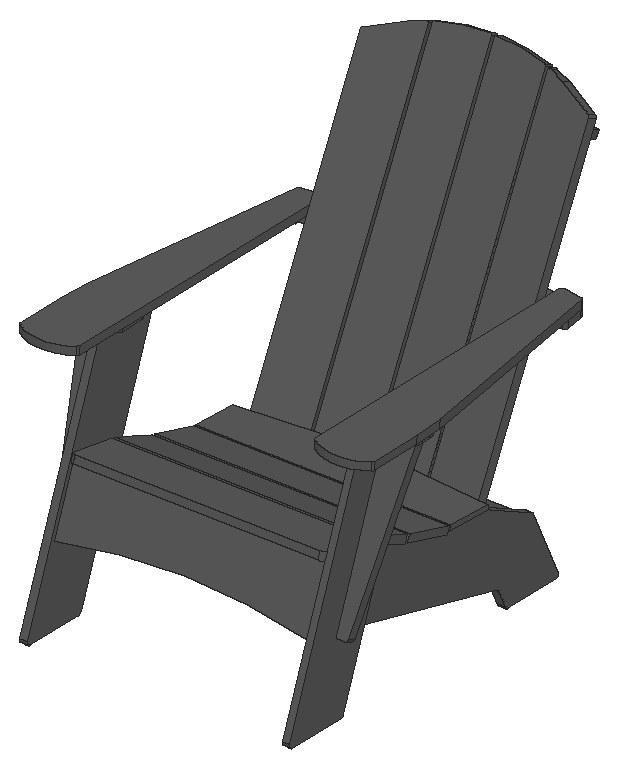
Revit family "Lollygagger Adirondack 4 Slat Curve", category Furniture, Revit 2016 (continued)
Automatic sketch dimensions
  Extrusion 40 sketch curve to plane 9 = 0.13616"
  plane 5 to Extrusion 40 sketch curve = 139.5096"
  Extrusion 40 sketch curve to Extrusion 40 sketch curve = 0"  (x2)
  Extrusion 41 sketch curve to plane 12 = 0"
  Extrusion 41 sketch curve to plane 3 "Center Left/Right" = 0"
  Extrusion 41 sketch curve to plane 13 = 0"
  Extrusion 41 sketch curve to plane 12 = 0.64806"
  Extrusion 41 sketch curve to plane 12 = 5.128"
  Extrusion 41 sketch curve to plane 3 "Center Left/Right" = 0.01116"
  plane 13 to Extrusion 41 sketch curve = 5.10569"
  Extrusion 41 sketch curve to Extrusion 41 sketch curve = 0.62561"
  Extrusion 41 sketch curve to Extrusion 41 sketch curve = 0.0032"
  Extrusion 41 sketch curve to Extrusion 41 sketch curve = 0.73517"
  Extrusion 41 sketch curve to Extrusion 41 sketch curve = 0.73198"
  Extrusion 41 sketch curve to Extrusion 41 sketch curve = 0.24259"
  Extrusion 41 sketch curve to Extrusion 41 sketch curve = 5.49834"
  Extrusion 41 sketch curve to Extrusion 41 sketch curve = 369.29785"
  Masking region 5 sketch curve to plane 5 = 0"
  Masking region 5 sketch curve to plane 7 = 0"  (x2)
  Masking region 5 sketch curve to plane 9 = 0"
  Masking region 5 sketch curve to plane 12 = 0"
  Masking region 5 sketch curve to plane 3 "Center Left/Right" = 0"  (x2)
  Masking region 5 sketch curve to plane 13 = 0"
  Masking region 5 sketch curve to plane 8 = 0"
  Masking region 5 sketch curve to plane 7 = 5.43563"  (x2)
  plane 5 to Masking region 5 sketch curve = 139.5096"
  Masking region 5 sketch curve to plane 5 = 1/4"
  plane 9 to Masking region 5 sketch curve = 0.98884"
  plane 9 to Masking region 5 sketch curve = 0.3758"
  Masking region 5 sketch curve to Masking region 5 sketch curve = 0.03605"
  Masking region 5 sketch curve to plane 9 = 0.13616"
  Masking region 5 sketch curve to plane 12 = 0.7575"  (x4)
  Masking region 5 sketch curve to plane 12 = 0.98922"
  Masking region 5 sketch curve to Masking region 5 sketch curve = 0.23172"  (x2)
  Masking region 5 sketch curve to Masking region 5 sketch curve = 0.55638"
  Masking region 5 sketch curve to plane 6 = 0.82121"
  Masking region 5 sketch curve to Masking region 5 sketch curve = 0.18402"  (x2)
  Masking region 5 sketch curve to plane 6 = 0.63838"  (x2)
  Masking region 5 sketch curve to Masking region 5 sketch curve = 0.20648"  (x2)
  Masking region 5 sketch curve to plane 14 = 0.42462"  (x2)
  Masking region 5 sketch curve to plane 12 = 5.128"
  Masking region 5 sketch curve to plane 6 = 0.20152"  (x2)
  Masking region 5 sketch curve to Masking region 5 sketch curve = 3.28172"
  Masking region 5 sketch curve to Masking region 5 sketch curve = 4.48119"  (x2)
  Masking region 5 sketch curve to Masking region 5 sketch curve = 0.20299"  (x4)
  Masking region 5 sketch curve to plane 3 "Center Left/Right" = 0.32366"  (x3)
  Masking region 5 sketch curve to plane 3 "Center Left/Right" = 0.12678"  (x2)
  Masking region 5 sketch curve to plane 3 "Center Left/Right" = 0.01116"  (x2)
  plane 3 "Center Left/Right" to Masking region 5 sketch curve = 0.12678"  (x2)
  plane 3 "Center Left/Right" to Masking region 5 sketch curve = 0.32366"  (x3)
  Masking region 5 sketch curve to Masking region 5 sketch curve = 4.46097"
  Masking region 5 sketch curve to Masking region 5 sketch curve = 0"  (x8)
  Masking region 5 sketch curve to plane 6 = 2.26474"
  Masking region 5 sketch curve to Masking region 5 sketch curve = 0.25259"
  plane 13 to Masking region 5 sketch curve = 5.10569"
  plane 13 to Masking region 5 sketch curve = 1.91379"
  plane 13 to Masking region 5 sketch curve = 0.96691"  (x2)
  plane 13 to Masking region 5 sketch curve = 0.73519"  (x3)
  plane 8 to Masking region 5 sketch curve = 0.11384"
  Masking region 5 sketch curve to plane 8 = 0.36206"
  Masking region 5 sketch curve to Masking region 5 sketch curve = 0.03705"
  Masking region 5 sketch curve to plane 8 = 1.01116"
  plane 4 to Masking region 5 sketch curve = 1/4"
  plane 4 to Masking region 5 sketch curve = 0.00013"
  Masking region 5 sketch curve to plane 4 = 139.5096"
  Masking region 5 sketch curve to plane 14 = 0.68808"
  Masking region 5 sketch curve to plane 14 = 0.68694"
  Masking region 5 sketch curve to plane 14 = 0.33768"
  plane 14 to Masking region 5 sketch curve = 0.13272"
  plane 14 to Masking region 5 sketch curve = 0.1389"
  plane 14 to Masking region 5 sketch curve = 0.96076"
  Masking region 5 sketch curve to Masking region 5 sketch curve = 0.00817"
  plane 14 to Masking region 5 sketch curve = 0.96893"
  Masking region 5 sketch curve to Masking region 5 sketch curve = 2.78107"  (x2)
  Masking region 5 sketch curve to Masking region 5 sketch curve = 1.29816"
  Masking region 5 sketch curve to Masking region 5 sketch curve = 0.11403"  (x2)
  Masking region 5 sketch curve to Masking region 5 sketch curve = 0.055"  (x2)
  Masking region 5 sketch curve to Masking region 5 sketch curve = 1.5489"
  Masking region 5 sketch curve to Masking region 5 sketch curve = 4.02633"  (x2)
  Masking region 5 sketch curve to Masking region 5 sketch curve = 0.08708"  (x2)
  plane 1 "Center Front/Back" to Masking region 5 sketch curve = 0.67857"  (x2)
  Masking region 5 sketch curve to Masking region 5 sketch curve = 0.21397"  (x2)
  Masking region 5 sketch curve to plane 1 "Center Front/Back" = 7.35052"  (x2)
  Masking region 5 sketch curve to Masking region 5 sketch curve = 2.34731"  (x2)
  Masking region 5 sketch curve to Masking region 5 sketch curve = 0.0381"
  Masking region 5 sketch curve to Masking region 5 sketch curve = 3.1132"  (x2)
  Masking region 5 sketch curve to Masking region 5 sketch curve = 0.01009"  (x2)
  Masking region 5 sketch curve to Masking region 5 sketch curve = 3.34388"
  Masking region 5 sketch curve to Masking region 5 sketch curve = 0.00111"
  Masking region 5 sketch curve to Masking region 5 sketch curve = 0.00575"  (x2)
  Masking region 5 sketch curve to Masking region 5 sketch curve = 1.43422"  (x2)
  Masking region 5 sketch curve to Masking region 5 sketch curve = 0.24724"
  Masking region 5 sketch curve to Masking region 5 sketch curve = 0.24755"
  Masking region 5 sketch curve to Masking region 5 sketch curve = 1.97157"  (x2)
  Masking region 5 sketch curve to Masking region 5 sketch curve = 1.93712"
  Masking region 5 sketch curve to Masking region 5 sketch curve = 1.94721"
  Masking region 5 sketch curve to Masking region 5 sketch curve = 1.94073"
  Masking region 5 sketch curve to Masking region 5 sketch curve = 0.00108"
  Masking region 5 sketch curve to Masking region 5 sketch curve = 2.06322"
  Masking region 5 sketch curve to Masking region 5 sketch curve = 0.00815"  (x2)
  Masking region 5 sketch curve to plane 6 = 2.0775"
  Masking region 5 sketch curve to Masking region 5 sketch curve = 0.01018"
  Masking region 5 sketch curve to Masking region 5 sketch curve = 1.18589"
  Masking region 5 sketch curve to Masking region 5 sketch curve = 1.36871"
  Masking region 5 sketch curve to Masking region 5 sketch curve = 0.2479"  (x2)
  Masking region 5 sketch curve to Masking region 5 sketch curve = 0.18283"
  plane 6 to Masking region 5 sketch curve = 0.00096"
  plane 5 to Masking region 5 sketch curve = 6.30482"
  Masking region 5 sketch curve to Masking region 5 sketch curve = 0.00002"
  Masking region 5 sketch curve to Masking region 5 sketch curve = 0.00041"  (x2)
  Masking region 5 sketch curve to Masking region 5 sketch curve = 0.09915"
  Masking region 5 sketch curve to Masking region 5 sketch curve = 0.06229"  (x2)
  Masking region 5 sketch curve to Masking region 5 sketch curve = 0.03972"  (x2)
  Masking region 5 sketch curve to Masking region 5 sketch curve = 1/4"
  Masking region 5 sketch curve to plane 3 "Center Left/Right" = 1.41605"
  plane 3 "Center Left/Right" to Masking region 5 sketch curve = 1.41605"
  Masking region 5 sketch curve to Masking region 5 sketch curve = 0.28972"
  Masking region 5 sketch curve to Masking region 5 sketch curve = 0.16144"
  Masking region 5 sketch curve to plane 4 = 6.30482"
  Masking region 5 sketch curve to plane 1 "Center Front/Back" = 4.67917"  (x2)
  plane 12 to Masking region 1 sketch curve = 0"
  Masking region 1 sketch curve to plane 11 = 0"  (x4)
  Masking region 1 sketch curve to plane 3 "Center Left/Right" = 0"
  Masking region 1 sketch curve to plane 10 = 0"
  Masking region 1 sketch curve to level = 0"
  plane 8 to Masking region 1 sketch curve = 0"
  Masking region 1 sketch curve to plane 15 = 0"
  plane 4 to Masking region 1 sketch curve = 0"
  Masking region 1 sketch curve to Masking region 1 sketch curve = 3/16"
  plane 9 to Masking region 1 sketch curve = 1.01486"
  Masking region 1 sketch curve to Masking region 1 sketch curve = 0.24827"  (x2)
  Masking region 1 sketch curve to plane 12 = 0.37462"
  Masking region 1 sketch curve to plane 12 = 0.76131"
  Masking region 1 sketch curve to Masking region 1 sketch curve = 0.6146"
  Masking region 1 sketch curve to Masking region 1 sketch curve = 0.22792"
  Masking region 1 sketch curve to Masking region 1 sketch curve = 5/8"
  Masking region 1 sketch curve to Masking region 1 sketch curve = 4.48119"
  Masking region 1 sketch curve to Masking region 1 sketch curve = 0"  (x11)
  plane 15 to Masking region 1 sketch curve = 0.00171"  (x4)
  Masking region 1 sketch curve to Masking region 1 sketch curve = 0.20299"  (x4)
  Masking region 1 sketch curve to Masking region 1 sketch curve = 0.21421"  (x2)
  Masking region 1 sketch curve to Masking region 1 sketch curve = 0.24258"
  Masking region 1 sketch curve to plane 3 "Center Left/Right" = 0.32366"
  Masking region 1 sketch curve to plane 3 "Center Left/Right" = 0.11556"  (x3)
  Masking region 1 sketch curve to plane 3 "Center Left/Right" = 0.01116"  (x2)
  plane 3 "Center Left/Right" to Masking region 1 sketch curve = 0.11556"  (x3)
  Masking region 1 sketch curve to Masking region 1 sketch curve = 9/16"
  Masking region 1 sketch curve to Masking region 1 sketch curve = 0.804"
  Masking region 1 sketch curve to Masking region 1 sketch curve = 4.4326"
  Masking region 1 sketch curve to Masking region 1 sketch curve = 0.02837"
  Masking region 1 sketch curve to Masking region 1 sketch curve = 4.47219"
  plane 13 to Masking region 1 sketch curve = 1 1/4"
  plane 13 to Masking region 1 sketch curve = 0.96691"
  Masking region 1 sketch curve to Masking region 1 sketch curve = 0.23154"
  plane 13 to Masking region 1 sketch curve = 5/8"
  plane 13 to Masking region 1 sketch curve = 0.37121"
  Masking region 1 sketch curve to plane 8 = 0.78889"
  plane 4 to Masking region 1 sketch curve = 0.75007"
  Masking region 1 sketch curve to Masking region 1 sketch curve = 0.20737"
  Masking region 1 sketch curve to Masking region 1 sketch curve = 0.83706"
  level to Masking region 1 sketch curve = 4.50531"
  Masking region 1 sketch curve to Masking region 1 sketch curve = 0.71139"
  Masking region 1 sketch curve to Masking region 1 sketch curve = 0.1777"  (x2)
  Masking region 1 sketch curve to Masking region 1 sketch curve = 1.3335"
  Masking region 1 sketch curve to Masking region 1 sketch curve = 0.206"
  Masking region 1 sketch curve to Masking region 1 sketch curve = 5.99458"
  Masking region 1 sketch curve to Masking region 1 sketch curve = 6.0008"
  Masking region 1 sketch curve to plane 15 = 6.72737"
  Masking region 1 sketch curve to Masking region 1 sketch curve = 0.05514"
  Masking region 1 sketch curve to Masking region 1 sketch curve = 0.06136"
  Masking region 1 sketch curve to Masking region 1 sketch curve = 0.15258"
  plane 10 to Masking region 1 sketch curve = 7.92655"
  Masking region 1 sketch curve to Masking region 1 sketch curve = 0.00204"
  Masking region 1 sketch curve to Masking region 1 sketch curve = 0.00248"
  Masking region 1 sketch curve to Masking region 1 sketch curve = 0.08801"
  Masking region 1 sketch curve to Masking region 1 sketch curve = 0.00397"
  Masking region 1 sketch curve to Masking region 1 sketch curve = 0.09155"
  Masking region 1 sketch curve to Masking region 1 sketch curve = 1.4456"
  Masking region 1 sketch curve to Masking region 1 sketch curve = 1.4387"
  Masking region 1 sketch curve to Masking region 1 sketch curve = 1.44268"
  Masking region 1 sketch curve to Masking region 1 sketch curve = 0.00419"  (x2)
  Masking region 1 sketch curve to Masking region 1 sketch curve = 1.04691"  (x2)
  Masking region 1 sketch curve to Masking region 1 sketch curve = 2.45927"  (x2)
  Masking region 1 sketch curve to Masking region 1 sketch curve = 0.16792"  (x2)
  Masking region 1 sketch curve to Masking region 1 sketch curve = 0.11565"  (x2)
  Masking region 1 sketch curve to Masking region 1 sketch curve = 3.2206"
  Masking region 1 sketch curve to plane 15 = 0.79815"  (x2)
  plane 5 to Masking region 1 sketch curve = 4.14538"
  Masking region 1 sketch curve to plane 10 = 0.23176"  (x2)
  Masking region 1 sketch curve to Masking region 1 sketch curve = 1.19648"  (x2)
  Masking region 1 sketch curve to plane 15 = 0.40541"  (x2)
  Masking region 1 sketch curve to Masking region 1 sketch curve = 1.80203"  (x2)
  Masking region 1 sketch curve to Masking region 1 sketch curve = 1/4"  (x2)
  Masking region 1 sketch curve to Masking region 1 sketch curve = 0.2396"
  Masking region 1 sketch curve to Masking region 1 sketch curve = 0.09811"
  Masking region 1 sketch curve to Masking region 1 sketch curve = 0.00005"  (x2)
  Masking region 1 sketch curve to Masking region 1 sketch curve = 0.09236"  (x2)
  Masking region 1 sketch curve to Masking region 1 sketch curve = 0.06229"  (x2)
  Masking region 1 sketch curve to Masking region 1 sketch curve = 1.45726"
  Masking region 1 sketch curve to Masking region 1 sketch curve = 0.22359"
  Masking region 1 sketch curve to Masking region 1 sketch curve = 0.06533"  (x2)
  Masking region 1 sketch curve to Masking region 1 sketch curve = 0.04406"  (x2)
  Masking region 1 sketch curve to Masking region 1 sketch curve = 0.00004"  (x2)
  Masking region 1 sketch curve to Masking region 1 sketch curve = 0.0942"
  Masking region 1 sketch curve to Masking region 1 sketch curve = 0.03016"  (x2)
  Masking region 1 sketch curve to plane 3 "Center Left/Right" = 2.02705"
  Masking region 1 sketch curve to plane 3 "Center Left/Right" = 1.50741"
  Masking region 1 sketch curve to Masking region 1 sketch curve = 0.24923"
  Masking region 1 sketch curve to Masking region 1 sketch curve = 0.12266"
  Masking region 1 sketch curve to Masking region 1 sketch curve = 0.0017"  (x2)
  Masking region 1 sketch curve to plane 3 "Center Left/Right" = 0.13616"
  Masking region 1 sketch curve to plane 3 "Center Left/Right" = 0.00932"
  plane 3 "Center Left/Right" to Masking region 1 sketch curve = 0.00932"
  Masking region 1 sketch curve to Masking region 1 sketch curve = 0.12488"
  Masking region 1 sketch curve to Masking region 1 sketch curve = 0.12436"
  plane 3 "Center Left/Right" to Masking region 1 sketch curve = 1.50741"
  plane 3 "Center Left/Right" to Masking region 1 sketch curve = 2.02705"
  Masking region 1 sketch curve to Masking region 1 sketch curve = 0.12439"
  Masking region 1 sketch curve to Masking region 1 sketch curve = 0.1142"
  Masking region 1 sketch curve to Masking region 1 sketch curve = 1.23367"
  Masking region 1 sketch curve to Masking region 1 sketch curve = 0.25281"
  Masking region 1 sketch curve to plane 13 = 0.00379"
  Masking region 1 sketch curve to plane 4 = 4.14538"
  Masking region 1 sketch curve to Masking region 1 sketch curve = 0.24018"  (x2)
  Masking region 1 sketch curve to Masking region 1 sketch curve = 0.08723"  (x2)
  Masking region 1 sketch curve to Masking region 1 sketch curve = 0.01231"  (x2)
  radius of Extrusion 15 sketch curve = 0.14999"
  radius of Extrusion 16 sketch curve = 0.14974"
  radius of Extrusion 17 sketch curve = 0.14999"
  radius of Extrusion 18 sketch curve = 0.14974"
  radius of Extrusion 20 sketch curve = 0.15479"
  radius of Extrusion 21 sketch curve = 0.15414"
  radius of Extrusion 22 sketch curve = 0.15479"
  radius of Extrusion 28 sketch curve = 0.15501"
  radius of Extrusion 29 sketch curve = 0.15501"
  radius of Extrusion 13 sketch curve = 0.15505"
  radius of Extrusion 14 sketch curve = 0.15505"
  radius of Extrusion 19 sketch curve = 0.15414"
  radius of Extrusion 25 sketch curve = 0.15472"
  radius of Extrusion 26 sketch curve = 0.15472"
  radius of Extrusion 27 sketch curve = 0.15472"
  radius of Extrusion 30 sketch curve = 0.15386"
  radius of Extrusion 31 sketch curve = 0.15521"
  radius of Extrusion 32 sketch curve = 0.15521"
  radius of Extrusion 33 sketch curve = 0.15471"
  radius of Extrusion 34 sketch curve = 0.15471"
  radius of Extrusion 35 sketch curve = 0.15572"
  radius of Extrusion 36 sketch curve = 0.15572"
  radius of Extrusion 37 sketch curve = 0.15482"
  radius of Extrusion 38 sketch curve = 0.15482"
Types (11): name | Finish Material
  Loll-Black | Loll-Black
  Loll-Sunset | Loll-Sunset
  Loll-Chocolate | Loll-Chocolate
  Loll-Sky | Loll-Sky
  Loll-Apple | Loll-Apple
  Loll-Leaf | Loll-Leaf
  Loll-Evergreen | Loll-Evergreen
  Loll-Charcoal | Loll-Charcoal
  Loll-Sand | Loll-Sand
  Loll-Navy Blue | Loll-Navy Blue
  Loll-White | Loll-White
